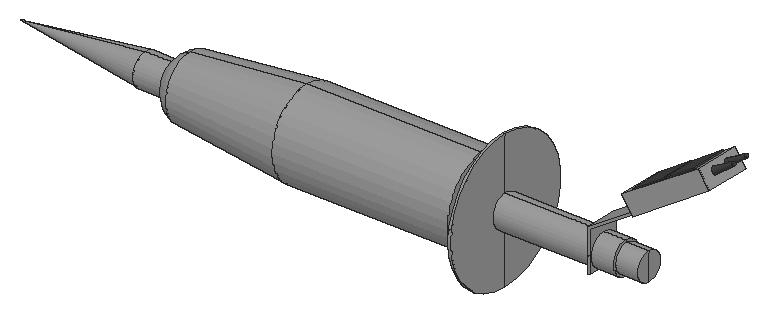
Revit family "Pararrayos con dispositivo de cebado_DAT CONTROLER REMOTE", category Equipos especializados, Revit 2017
Family settings
  Cota de conector redondo = Diámetro de uso
  Tipo de pieza = Normal
  Se basa en plano de trabajo = Sí
  Siempre vertical = Sí
  Corte con vacíos al cargar = No
  Compartido = Sí
  Punto de cálculo de habitación = No
Parameters
  URL = "https://at3w.com/"
  Tipo de dispositivo de cebado [instance] = "Electropulsante (emisor de impulsos)"  # constant formula
  Temperatura de trabajo [instance] = "-25 ºC a 88 ºC"  # constant formula
  Peso (kg) [instance] = 3.8  # constant formula
  Model = ""
  Material [instance] = Acero inox.
  Fijación [instance] = "Rosca macho M20"  # constant formula
  Fabricante = "APLICACIONES TECNOLÓGICAS"  # constant formula
  Estanqueidad [instance] = "IP67"  # constant formula
  Default Elevation = 1219.2 mm
  Descripción = "Pararrayos con dispositivo de cebado electropulsante de APLICACIONES TECNOLÓGICAS, modelo DAT CONTROLER REMOTE, con Certificación de Producto AENOR y Certificado de funcionamiento en condiciones de lluvia, con impulsos tipo rayo, maniobra y con tensión continua, según UNE-EN 60060."  # constant formula
  Código de montaje = "1.1"
  Aislante interno [instance] = "Resina de poliuretano"  # constant formula
Reference planes
  plane 1 "Centro (Frontal/Posterior)": y = 0
  plane 2: z = 0
  plane 3 "Centro (Izquierda/Derecha)": x = 0
  plane 4: x = -551
Forms (mm)
  Revolve 1, solid, material "Acero inox." <- "Material"
    sketch origin (0, 0, 0) x (0, 0, 1) y (-1, 0, 0)
      loop
        line (-38, 146) -> (-60, 128) -> (-60, 126) -> (-14, 126) -> (-14, 20) -> (-12, 20) -> (-12, 0) -> (0, 0) -> (0, 551) -> (-14, 441) -> (-14, 416) -> (-15.5, 416)
        arc (-15.5, 416) -> (-22.708, 410.036) -> (-27.5, 402) r 27.5
        line (-27.5, 402) -> (-38, 300) -> (-38, 146)
      axis (0, 551) -> (0, 0)
    angle from 0 to 360
  Extrusion 2, solid, material "Acero inox." <- "Material"
    sketch origin (0, 0, 0) x (0, 0, 1) y (-1, 0, 0)
      loop
        line (-14, 40) -> (21.65, 40) -> (76.114, -43.867) -> (77.791, -42.778) -> (22.736, 42) -> (-14, 42) -> (-14, 40)
    from -14 to 14
  Extrusion 3, solid, material "Acero inox." <- "Material"
    sketch origin (0, 0, 0) x (0, 0, 1) y (-1, 0, 0)
      loop
        line (48.586, -1.478) -> (92.157, -68.572) -> (106.414, -59.313) -> (62.843, 7.781) -> (48.586, -1.478)
    from -20 to 20
  Extrusion 4, solid, material "Negro"
    sketch origin (1.577, 0, 1.024) x (0, 0, 1) y (-1, 0, 0)
      loop
        line (66.176, 2.649) -> (82.515, -22.512) -> (83.186, -22.076) -> (66.847, 3.084) -> (66.176, 2.649)
    from -16 to 16
  Extrusion 5, solid, material "Negro"
    sketch origin (30.092, 0, 19.542) x (0, 0, 1) y (-1, 0, 0)
      loop
        line (66.176, 2.649) -> (82.515, -22.512) -> (83.186, -22.076) -> (66.847, 3.084) -> (66.176, 2.649)
    from -16 to 16
  Blend 6, solid, material "Negro"
    base sketch origin (67.483, 3.125, 93.834) x (-0.544639, 0, 0.838671) y (0, -1, 0)
      loop
        circle (8.336, 10.09) r 3
    top sketch origin (67.483, 3.125, 93.834) x (-0.544639, 0, 0.838671) y (0, -1, 0)
      loop
        circle (8.336, 10.09) r 1.5
    from 0 to 20.277
  Blend 7, solid, material "Negro"
    base sketch origin (67.483, 17.125, 93.834) x (-0.544639, 0, 0.838671) y (0, -1, 0)
      loop
        circle (8.336, 10.09) r 3
    top sketch origin (67.483, 17.125, 93.834) x (-0.544639, 0, 0.838671) y (0, -1, 0)
      loop
        circle (8.336, 10.09) r 1.5
    from 0 to 20.277
Dimensions and locks
  plane 3 "Centro (Izquierda/Derecha)" to plane 4 = 551 mm
  aligned and locked: level to plane 2
